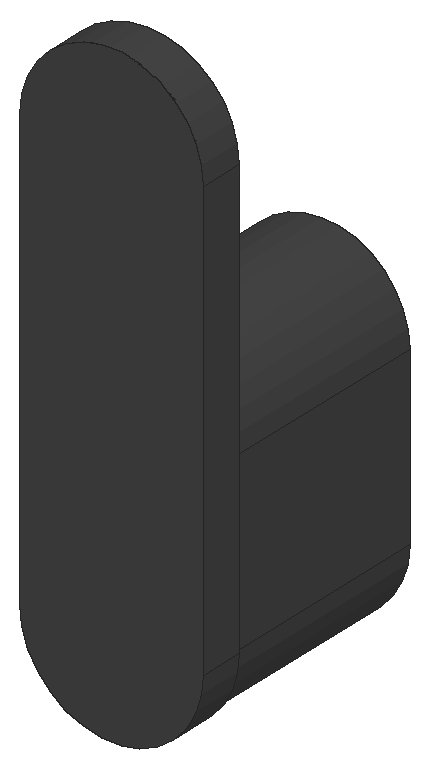
Revit family "rba-bim-rba1631-100", category Plumbing Fixtures, Revit 2016
Family settings
  Part Type = Normal
  Round Connector Dimension = Use Diameter
  Work Plane-Based = No
  Always vertical = No
  Cut with Voids When Loaded = No
  Shared = Yes
  Room Calculation Point = No
Parameters (values of type "RBA1631-300")
  Watermarked By = "www.rba.com.au"
  Waste Connection = yes
  Vent Connection = yes
  URL = ""
  Phone Number = "1300 788 778"
  Modified Issue = "20190924.01"
  Model = "RBA1631-300"
  Materials and Finishes = Heavy Duty Brass in a Matte Black Finish
  Manufacturer Model = ""
  Manufacturer = "RBA Group"  # constant formula
  HW Connection = yes
  Description = "ōken Robe Hook"
  Copyright by = "RBA Group"  # constant formula
  CW Connection = yes
Types (2, lengths in mm): name | Materials and Finishes
  RBA1631-100 | Heavy Duty Brass in a Bright Chrome Finish
  RBA1631-300 | Heavy Duty Brass in a Matte Black Finish
Reference planes
  plane 1 "Center (Front/Back)": y = 0
  plane 2: z = 0
  plane 3 "Center (Left/Right)": x = 0
  plane 4: z = 71
  plane 5: z = 0.5
  plane 6: z = 40.5
Forms (mm)
  Extrusion 1, solid, material "Heavy Duty Brass in a Matte Black Finish" <- "Materials and Finishes"
    sketch origin (0, -30, 35.5) x (0, 0, 1) y (1, 0, 0)
      loop
        arc (25, -10.5) -> (35.5, 0) -> (25, 10.5) r 10.5
        line (25, 10.5) -> (-25, 10.5)
        arc (-25, 10.5) -> (-35.5, 0) -> (-25, -10.5) r 10.5
        line (-25, -10.5) -> (25, -10.5)
    from 0 to 5
  Extrusion 2, solid, material "Heavy Duty Brass in a Matte Black Finish" <- "Materials and Finishes"
    sketch origin (0, -30, 35.5) x (0, 0, 1) y (1, 0, 0)
      loop
        arc (-5, -10) -> (5, 0) -> (-5, 10) r 10
        line (-5, 10) -> (-25, 10)
        arc (-25, 10) -> (-35, 0) -> (-25, -10) r 10
        line (-25, -10) -> (-5, -10)
    from 5 to 30
Dimensions and locks
  aligned and locked: plane 2 to level
